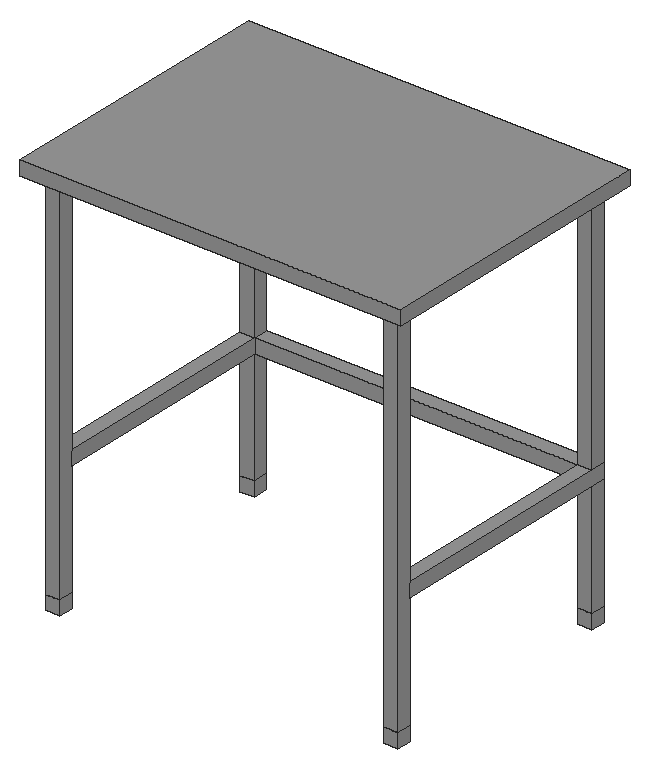
Revit family "Стол медицинский нержавеющая сталь, с бортом, без борта", category Оборудование, Revit 2017
Family settings
  Размер круглого соединителя = Использовать диаметр
  Тип детали = Нормальный
  На основе рабочей плоскости = Нет
  Всегда вертикально = Да
  При загрузке вырезать с полостями = Нет
  Общий = Нет
  Точка расчета площади = Нет
Parameters (values of type "800х600х850 ББ")
  Общ_Ширина = 800.0 mm
  Общ_Тип, марка = "БТ-С-6-8"
  Общ_Примечание КР [instance] = ""
  Общ_Примечание АР [instance] = ""
  Общ_Примечание = ""
  Общ_Поставщик = "БТ-Мебель"
  Общ_Позиция = ""
  Общ_Наименование = "Стол медицинский из нержавеющей стали, без борта"
  Общ_Масса = ""
  Общ_Код продукции = ""
  Общ_Единицы измерения = "шт."
  Общ_Глубина = 600.0 mm
  Общ_Высота = 850.0 mm
  Keynote = ""
  Model = ""
  Борт = no
Types (20, lengths in mm): name | Общ_Ширина | Общ_Тип, марка | Общ_Наименование | Общ_Глубина | Борт
  800х600х850 ББ | 800.0 | "БТ-С-6-8" | "Стол медицинский из нержавеющей стали, без борта" | 600.0 | no
  800х700х850 ББ | 800.0 | "БТ-С-7-8" | "Стол медицинский из нержавеющей стали, без борта" | 700.0 | no
  1000х600х850 ББ | 1000.0 | "БТ-С-6-10" | "Стол медицинский из нержавеющей стали, без борта" | 600.0 | no
  1000х700х850 ББ | 1000.0 | "БТ-С-7-10" | "Стол медицинский из нержавеющей стали, без борта" | 700.0 | no
  1200х600х850 ББ | 1200.0 | "БТ-С-6-12" | "Стол медицинский из нержавеющей стали, без борта" | 600.0 | no
  1200х700х850 ББ | 1200.0 | "БТ-С-7-12" | "Стол медицинский из нержавеющей стали, без борта" | 700.0 | no
  1400х600х850 ББ | 1400.0 | "БТ-С-6-14" | "Стол медицинский из нержавеющей стали, без борта" | 700.0 | no
  1400х700х850 ББ | 1400.0 | "БТ-С-7-14" | "Стол медицинский из нержавеющей стали, без борта" | 700.0 | no
  1500х600х850 ББ | 1500.0 | "БТ-С-6-15" | "Стол медицинский из нержавеющей стали, без борта" | 600.0 | no
  1500х700х850 ББ | 1500.0 | "БТ-С-7-15" | "Стол медицинский из нержавеющей стали, без борта" | 700.0 | no
  800х600х850 СБ | 800.0 | "БТ-СБ-6-8" | "Стол медицинский из нержавеющей стали, с бортом" | 600.0 | yes
  800х700х850 СБ | 800.0 | "БТ-СБ-7-8" | "Стол медицинский из нержавеющей стали, с бортом" | 700.0 | yes
  1000х600х850 СБ | 1000.0 | "БТ-СБ-6-10" | "Стол медицинский из нержавеющей стали, с бортом" | 600.0 | yes
  1000х700х850 СБ | 1000.0 | "БТ-СБ-7-10" | "Стол медицинский из нержавеющей стали, с бортом" | 700.0 | yes
  1200х600х850 СБ | 1200.0 | "БТ-СБ-6-12" | "Стол медицинский из нержавеющей стали, с бортом" | 600.0 | yes
  1200х700х850 СБ | 1200.0 | "БТ-СБ-7-12" | "Стол медицинский из нержавеющей стали, с бортом" | 700.0 | yes
  1400х600х850 СБ | 1400.0 | "БТ-СБ-6-14" | "Стол медицинский из нержавеющей стали, с бортом" | 600.0 | yes
  1400х700х850 СБ | 1400.0 | "БТ-СБ-7-14" | "Стол медицинский из нержавеющей стали, с бортом" | 700.0 | yes
  1500х600х850 СБ | 1500.0 | "БТ-СБ-6-15" | "Стол медицинский из нержавеющей стали, с бортом" | 600.0 | yes
  1500х700х850 СБ | 1500.0 | "БТ-СБ-7-15" | "Стол медицинский из нержавеющей стали, с бортом" | 700.0 | yes
Reference planes
  plane 1 "По центру (Вперед/Назад)": y = 0
  plane 2: z = 0
  plane 3 "По центру (Влево/Вправо)": x = 0
  plane 4: x = 400
  plane 5: x = -400
  plane 6: y = 300
  plane 7: y = -300
  plane 8: y = 270
  plane 9: y = -270
  plane 10: x = -370
  plane 11: x = 370
  plane 12: z = 850
Forms (mm)
  Extrusion 1, solid, material "Сталь, нержавеющая AISI 304", detail levels fine
    sketch origin (0, 0, 0) x (1, 0, 0) y (0, 1, 0)
      loop
        line (-400, 300) -> (-400, -300) -> (400, -300) -> (400, 300) -> (-400, 300)
    from 820 to 850
  Extrusion 2, solid, material "Сталь, нержавеющая AISI 304", detail levels fine
    sketch origin (0, 0, 0) x (1, 0, 0) y (0, 1, 0)
      loop
        line (-370, 270) -> (-370, 240) -> (-340, 240) -> (-340, 270) -> (-370, 270)
      loop
        line (-370, -270) -> (-340, -270) -> (-340, -240) -> (-370, -240) -> (-370, -270)
      loop
        line (370, 270) -> (340, 270) -> (340, 240) -> (370, 240) -> (370, 270)
      loop
        line (370, -270) -> (370, -240) -> (340, -240) -> (340, -270) -> (370, -270)
    from 30 to 820
  Extrusion 3, solid, material "Сталь, нержавеющая AISI 304", detail levels fine
    sketch origin (0, 0, 0) x (1, 0, 0) y (0, 1, 0)
      loop
        line (370, -240) -> (340, -240) -> (340, -270) -> (370, -270) -> (370, -240)
    from 30 to 820
  Extrusion 4, solid, material "Пластмасса, непрозрачная, черная", detail levels fine
    sketch origin (0, 0, 0) x (1, 0, 0) y (0, 1, 0)
      loop
        line (-340, 270) -> (-370, 270) -> (-370, 240) -> (-340, 240) -> (-340, 270)
      loop
        line (340, 240) -> (370, 240) -> (370, 270) -> (340, 270) -> (340, 240)
      loop
        line (340, -270) -> (370, -270) -> (370, -240) -> (340, -240) -> (340, -270)
      loop
        line (-340, -270) -> (-340, -240) -> (-370, -240) -> (-370, -270) -> (-340, -270)
    from 0 to 30
  Extrusion 5, solid, material "Сталь, нержавеющая AISI 304", detail levels fine
    sketch origin (0, 0, 0) x (1, 0, 0) y (0, 1, 0)
      loop
        line (-370, -240) -> (-340, -240) -> (-340, 240) -> (340, 240) -> (340, -240) -> (370, -240) -> (370, 270) -> (-370, 270) -> (-370, -240)
    from 270 to 300
  Extrusion 6, solid, material "Сталь, нержавеющая AISI 304", visible <- "Борт", detail levels fine
    sketch origin (-180, -1524, 850) x (-1, 0, 0) y (0, -1, 0)
      loop
        line (220, -1824) -> (220, -1819) -> (-580, -1819) -> (-580, -1824) -> (220, -1824)
    from 0 to 50
Lines and regions (mm)
  symbolic lines, detail levels coarse+medium
    curve 1: line (-400, 300, 850) -> (400, 300, 850)
    curve 2: line (-400, -300, 850) -> (-400, 300, 850)
    curve 3: line (400, -300, 850) -> (-400, -300, 850)
    curve 4: line (400, 300, 850) -> (400, -300, 850)
    curve 5: line (-400, -300, 850) -> (400, 300, 850)
    curve 6: line (-20, -300, 850) -> (0, -245.05, 850)
    curve 7: line (20, -300, 850) -> (0, -245.05, 850)
Dimensions and locks
  locked: plane 11 to plane 4 at 30
  locked: plane 5 to plane 10 at 30
  locked: plane 9 to plane 7 at 30
  locked: plane 6 to plane 8 at 30
  "Общ_Ширина": plane 5 to plane 4
  equal spacing: plane 5, plane 3 "По центру (Влево/Вправо)", plane 4
  equal spacing: plane 6, plane 1 "По центру (Вперед/Назад)", plane 7
  "Общ_Глубина": plane 6 to plane 7
  locked: Extrusion 6 to Extrusion 1 at 50
  "Общ_Высота": plane 12 to level
  aligned and locked: level to plane 2
  aligned and locked: Extrusion 1 sketch curve to plane 6
  aligned and locked: plane 5 to Extrusion 1 sketch curve
  aligned and locked: plane 7 to Extrusion 1 sketch curve
  aligned and locked: Extrusion 1 sketch curve to plane 4
  aligned and locked: Extrusion 3 sketch curve to Extrusion 2  (x4)
  aligned and locked: plane 11 to Extrusion 2 sketch curve
  aligned and locked: plane 8 to Extrusion 2 sketch curve
  aligned and locked: Extrusion 2 sketch curve to plane 8
  aligned and locked: plane 10 to Extrusion 2 sketch curve
  aligned and locked: Extrusion 2 sketch curve to plane 10
  aligned and locked: Extrusion 2 sketch curve to plane 9
  aligned and locked: plane 9 to Extrusion 2 sketch curve
  aligned and locked: Extrusion 2 sketch curve to plane 11
  aligned and locked: Extrusion 4 sketch curve to Extrusion 2  (x12)
  aligned and locked: Extrusion 4 sketch curve to Extrusion 3  (x4)
  aligned and locked: Extrusion 5 sketch curve to plane 8
  aligned and locked: Extrusion 5 sketch curve to plane 11
  aligned and locked: plane 10 to Extrusion 5 sketch curve
  aligned and locked: Extrusion 5 sketch curve to Extrusion 2  (x2)
  aligned and locked: plane 12 to Extrusion 1
  aligned and locked: Extrusion 6 sketch curve to plane 6
  aligned and locked: Extrusion 6 to Extrusion 1
  aligned and locked: curve 1 to Extrusion 1
  aligned and locked: curve 2 to Extrusion 1
  aligned and locked: curve 3 to Extrusion 1
  aligned and locked: curve 4 to Extrusion 1
Automatic sketch dimensions
  plane 10 to Extrusion 2 sketch curve = 30.0 mm
  Extrusion 2 sketch curve to Extrusion 2 sketch curve = 30.0 mm
  Extrusion 2 sketch curve to plane 11 = 30.0 mm  (x2)
  plane 9 to Extrusion 2 sketch curve = 30.0 mm  (x2)
  Extrusion 2 sketch curve to plane 8 = 30.0 mm  (x2)
  plane 10 to Extrusion 5 sketch curve = 30.0 mm
  Extrusion 5 sketch curve to plane 11 = 30.0 mm
  Extrusion 5 sketch curve to plane 8 = 30.0 mm
  Extrusion 6 sketch curve to plane 4 = 0.0 mm
  Extrusion 6 sketch curve to plane 5 = 0.0 mm
  Extrusion 6 sketch curve to Extrusion 6 sketch curve = 5.0 mm
  curve 6 to plane 3 "По центру (Влево/Вправо)" = 0.0 mm
  plane 9 to curve 7 = 24.95 mm
  plane 3 "По центру (Влево/Вправо)" to curve 7 = 20.0 mm
  curve 6 to plane 3 "По центру (Влево/Вправо)" = 20.0 mm
